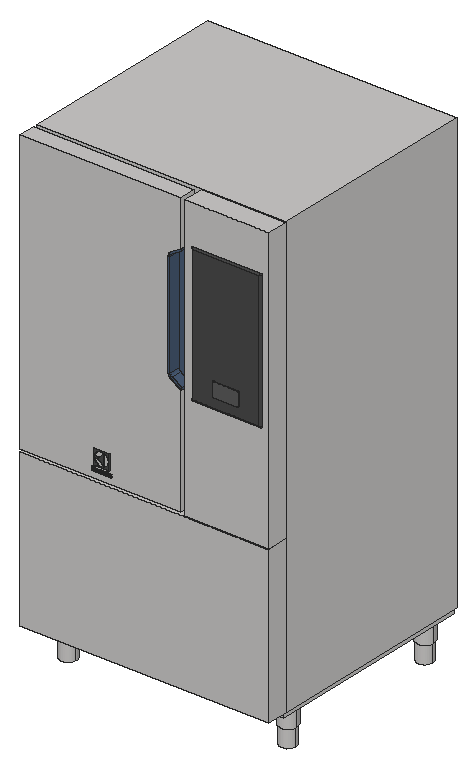
Revit family "QF_ELECTROLUXPROFESSIONAL_727736_EBFA11E", category Specialty Equipment, Revit 2018 (continued)
Automatic sketch dimensions
  Split face 146 sketch curve to Extrusion 4 = 242.501 mm
  Split face 146 sketch curve to Split face 146 sketch curve = 4.974 mm
  Split face 147 sketch curve to Extrusion 4 = 392.465 mm
  Split face 147 sketch curve to Split face 147 sketch curve = 110.016 mm
  Split face 147 sketch curve to Extrusion 4 = 252.001 mm
  Split face 147 sketch curve to Split face 147 sketch curve = 4.974 mm
  Split face 148 sketch curve to Extrusion 4 = 392.465 mm
  Split face 148 sketch curve to Split face 148 sketch curve = 110.016 mm
  Split face 148 sketch curve to Extrusion 4 = 261.501 mm
  Split face 148 sketch curve to Split face 148 sketch curve = 4.974 mm
  Split face 149 sketch curve to Extrusion 4 = 392.465 mm
  Split face 149 sketch curve to Split face 149 sketch curve = 110.016 mm
  Split face 149 sketch curve to Extrusion 4 = 271.001 mm
  Split face 149 sketch curve to Split face 149 sketch curve = 4.974 mm
  Split face 150 sketch curve to Extrusion 4 = 392.465 mm
  Split face 150 sketch curve to Split face 150 sketch curve = 110.016 mm
  Split face 150 sketch curve to Extrusion 4 = 279.479 mm
  Split face 150 sketch curve to Split face 150 sketch curve = 4.974 mm
  Split face 151 sketch curve to Extrusion 4 = 392.465 mm
  Split face 151 sketch curve to Split face 151 sketch curve = 110.016 mm
  Split face 151 sketch curve to Extrusion 4 = 269.979 mm
  Split face 151 sketch curve to Split face 151 sketch curve = 4.974 mm
  Split face 152 sketch curve to Extrusion 4 = 392.465 mm
  Split face 152 sketch curve to Split face 152 sketch curve = 110.016 mm
  Split face 152 sketch curve to Extrusion 4 = 260.479 mm
  Split face 152 sketch curve to Split face 152 sketch curve = 4.974 mm
  Split face 153 sketch curve to Extrusion 4 = 392.465 mm
  Split face 153 sketch curve to Split face 153 sketch curve = 110.016 mm
  Split face 153 sketch curve to Extrusion 4 = 250.978 mm
  Split face 153 sketch curve to Split face 153 sketch curve = 4.974 mm
  Split face 154 sketch curve to Extrusion 4 = 392.465 mm
  Split face 154 sketch curve to Split face 154 sketch curve = 110.016 mm
  Split face 154 sketch curve to Extrusion 4 = 241.478 mm
  Split face 154 sketch curve to Split face 154 sketch curve = 4.974 mm
  Split face 155 sketch curve to Extrusion 4 = 392.465 mm
  Split face 155 sketch curve to Split face 155 sketch curve = 110.016 mm
  Split face 155 sketch curve to Extrusion 4 = 231.978 mm
  Split face 155 sketch curve to Split face 155 sketch curve = 4.974 mm
  Split face 156 sketch curve to Extrusion 4 = 392.465 mm
  Split face 156 sketch curve to Split face 156 sketch curve = 110.016 mm
  Split face 156 sketch curve to Extrusion 4 = 222.478 mm
  Split face 156 sketch curve to Split face 156 sketch curve = 4.974 mm
  Split face 157 sketch curve to Extrusion 4 = 392.465 mm
  Split face 157 sketch curve to Split face 157 sketch curve = 110.016 mm
  Split face 157 sketch curve to Extrusion 4 = 212.978 mm
  Split face 157 sketch curve to Split face 157 sketch curve = 4.974 mm
  Split face 158 sketch curve to Extrusion 4 = 392.465 mm
  Split face 158 sketch curve to Split face 158 sketch curve = 110.016 mm
  Split face 158 sketch curve to Extrusion 4 = 203.478 mm
  Split face 158 sketch curve to Split face 158 sketch curve = 4.974 mm
  Split face 159 sketch curve to Extrusion 4 = 193.978 mm
  Split face 159 sketch curve to Extrusion 4 = 392.465 mm
  Split face 159 sketch curve to Split face 159 sketch curve = 110.016 mm
  Split face 159 sketch curve to Split face 159 sketch curve = 4.974 mm
  Split face 160 sketch curve to Extrusion 4 = 184.478 mm
  Split face 160 sketch curve to Extrusion 4 = 392.465 mm
  Split face 160 sketch curve to Split face 160 sketch curve = 110.016 mm
  Split face 160 sketch curve to Split face 160 sketch curve = 4.974 mm
  Split face 161 sketch curve to Extrusion 4 = 174.978 mm
  Split face 161 sketch curve to Extrusion 4 = 392.465 mm
  Split face 161 sketch curve to Split face 161 sketch curve = 110.016 mm
  Split face 161 sketch curve to Split face 161 sketch curve = 4.974 mm
  Split face 162 sketch curve to Extrusion 4 = 165.478 mm
  Split face 162 sketch curve to Extrusion 4 = 392.465 mm
  Split face 162 sketch curve to Split face 162 sketch curve = 110.016 mm
  Split face 162 sketch curve to Split face 162 sketch curve = 4.974 mm
  Split face 163 sketch curve to Extrusion 4 = 155.978 mm
  Split face 163 sketch curve to Extrusion 4 = 392.465 mm
  Split face 163 sketch curve to Split face 163 sketch curve = 110.016 mm
  Split face 163 sketch curve to Split face 163 sketch curve = 4.974 mm
  Split face 164 sketch curve to Extrusion 4 = 146.478 mm
  Split face 164 sketch curve to Extrusion 4 = 392.465 mm
  Split face 164 sketch curve to Split face 164 sketch curve = 110.016 mm
  Split face 164 sketch curve to Split face 164 sketch curve = 4.974 mm
  Split face 165 sketch curve to Extrusion 4 = 33.499 mm
  Split face 165 sketch curve to Extrusion 4 = 382.543 mm
  Split face 165 sketch curve to Extrusion 4 = 28.525 mm
  Split face 165 sketch curve to Split face 165 sketch curve = 110.016 mm
  Split face 166 sketch curve to Extrusion 4 = 42.999 mm
  Split face 166 sketch curve to Extrusion 4 = 382.543 mm
  Split face 166 sketch curve to Extrusion 4 = 38.025 mm
  Split face 166 sketch curve to Split face 166 sketch curve = 110.016 mm
  Split face 167 sketch curve to Extrusion 4 = 52.499 mm
  Split face 167 sketch curve to Extrusion 4 = 382.543 mm
  Split face 167 sketch curve to Extrusion 4 = 47.525 mm
  Split face 167 sketch curve to Split face 167 sketch curve = 110.016 mm
  Split face 168 sketch curve to Extrusion 4 = 61.999 mm
  Split face 168 sketch curve to Extrusion 4 = 382.543 mm
  Split face 168 sketch curve to Split face 168 sketch curve = 110.016 mm
  Split face 168 sketch curve to Split face 168 sketch curve = 4.974 mm
  Split face 169 sketch curve to Extrusion 4 = 71.499 mm
  Split face 169 sketch curve to Extrusion 4 = 382.543 mm
  Split face 169 sketch curve to Split face 169 sketch curve = 110.016 mm
  Split face 169 sketch curve to Split face 169 sketch curve = 4.974 mm
  Split face 170 sketch curve to Extrusion 4 = 80.999 mm
  Split face 170 sketch curve to Extrusion 4 = 382.543 mm
  Split face 170 sketch curve to Split face 170 sketch curve = 110.016 mm
  Split face 170 sketch curve to Split face 170 sketch curve = 4.974 mm
  Split face 171 sketch curve to Extrusion 4 = 90.499 mm
  Split face 171 sketch curve to Extrusion 4 = 382.543 mm
  Split face 171 sketch curve to Split face 171 sketch curve = 110.016 mm
  Split face 171 sketch curve to Split face 171 sketch curve = 4.974 mm
  Split face 172 sketch curve to Extrusion 4 = 99.999 mm
  Split face 172 sketch curve to Extrusion 4 = 382.543 mm
  Split face 172 sketch curve to Split face 172 sketch curve = 110.016 mm
  Split face 172 sketch curve to Split face 172 sketch curve = 4.974 mm
  Split face 173 sketch curve to Extrusion 4 = 109.499 mm
  Split face 173 sketch curve to Extrusion 4 = 382.543 mm
  Split face 173 sketch curve to Split face 173 sketch curve = 110.016 mm
  Split face 173 sketch curve to Split face 173 sketch curve = 4.974 mm
  Split face 174 sketch curve to Extrusion 4 = 119 mm
  Split face 174 sketch curve to Extrusion 4 = 382.543 mm
  Split face 174 sketch curve to Split face 174 sketch curve = 110.016 mm
  Split face 174 sketch curve to Split face 174 sketch curve = 4.974 mm
  Split face 175 sketch curve to Extrusion 4 = 128.5 mm
  Split face 175 sketch curve to Extrusion 4 = 382.543 mm
  Split face 175 sketch curve to Split face 175 sketch curve = 110.016 mm
  Split face 175 sketch curve to Split face 175 sketch curve = 4.974 mm
  Split face 176 sketch curve to Extrusion 4 = 138 mm
  Split face 176 sketch curve to Extrusion 4 = 382.543 mm
  Split face 176 sketch curve to Split face 176 sketch curve = 110.016 mm
  Split face 176 sketch curve to Split face 176 sketch curve = 4.974 mm
  Split face 177 sketch curve to Extrusion 4 = 147.5 mm
  Split face 177 sketch curve to Extrusion 4 = 382.543 mm
  Split face 177 sketch curve to Split face 177 sketch curve = 110.016 mm
  Split face 177 sketch curve to Split face 177 sketch curve = 4.974 mm
  Split face 178 sketch curve to Extrusion 4 = 157 mm
  Split face 178 sketch curve to Extrusion 4 = 382.543 mm
  Split face 178 sketch curve to Split face 178 sketch curve = 110.016 mm
  Split face 178 sketch curve to Split face 178 sketch curve = 4.974 mm
  Split face 179 sketch curve to Extrusion 4 = 166.5 mm
  Split face 179 sketch curve to Extrusion 4 = 382.543 mm
  Split face 179 sketch curve to Split face 179 sketch curve = 110.016 mm
  Split face 179 sketch curve to Split face 179 sketch curve = 4.974 mm
  Split face 180 sketch curve to Extrusion 4 = 176 mm
  Split face 180 sketch curve to Extrusion 4 = 382.543 mm
  Split face 180 sketch curve to Split face 180 sketch curve = 110.016 mm
  Split face 180 sketch curve to Split face 180 sketch curve = 4.974 mm
  Split face 181 sketch curve to Extrusion 4 = 185.5 mm
  Split face 181 sketch curve to Extrusion 4 = 382.543 mm
  Split face 181 sketch curve to Split face 181 sketch curve = 110.016 mm
  Split face 181 sketch curve to Split face 181 sketch curve = 4.974 mm
  Split face 182 sketch curve to Extrusion 4 = 382.543 mm
  Split face 182 sketch curve to Split face 182 sketch curve = 110.016 mm
  Split face 182 sketch curve to Extrusion 4 = 195 mm
  Split face 182 sketch curve to Split face 182 sketch curve = 4.974 mm
  Split face 183 sketch curve to Extrusion 4 = 382.543 mm
  Split face 183 sketch curve to Split face 183 sketch curve = 110.016 mm
  Split face 183 sketch curve to Extrusion 4 = 204.5 mm
  Split face 183 sketch curve to Split face 183 sketch curve = 4.974 mm
  Split face 184 sketch curve to Extrusion 4 = 382.543 mm
  Split face 184 sketch curve to Split face 184 sketch curve = 110.016 mm
  Split face 184 sketch curve to Extrusion 4 = 214 mm
  Split face 184 sketch curve to Split face 184 sketch curve = 4.974 mm
  Split face 185 sketch curve to Extrusion 4 = 382.543 mm
  Split face 185 sketch curve to Split face 185 sketch curve = 110.016 mm
  Split face 185 sketch curve to Extrusion 4 = 223.5 mm
  Split face 185 sketch curve to Split face 185 sketch curve = 4.974 mm
  Split face 186 sketch curve to Extrusion 4 = 382.543 mm
  Split face 186 sketch curve to Split face 186 sketch curve = 110.016 mm
  Split face 186 sketch curve to Extrusion 4 = 233.001 mm
  Split face 186 sketch curve to Split face 186 sketch curve = 4.974 mm
  Split face 187 sketch curve to Extrusion 4 = 382.543 mm
  Split face 187 sketch curve to Split face 187 sketch curve = 110.016 mm
  Split face 187 sketch curve to Extrusion 4 = 242.501 mm
  Split face 187 sketch curve to Split face 187 sketch curve = 4.974 mm
  Split face 188 sketch curve to Extrusion 4 = 382.543 mm
  Split face 188 sketch curve to Split face 188 sketch curve = 110.016 mm
  Split face 188 sketch curve to Extrusion 4 = 252.001 mm
  Split face 188 sketch curve to Split face 188 sketch curve = 4.974 mm
  Split face 189 sketch curve to Extrusion 4 = 382.543 mm
  Split face 189 sketch curve to Split face 189 sketch curve = 110.016 mm
  Split face 189 sketch curve to Extrusion 4 = 261.501 mm
  Split face 189 sketch curve to Split face 189 sketch curve = 4.974 mm
  Split face 190 sketch curve to Extrusion 4 = 382.543 mm
  Split face 190 sketch curve to Split face 190 sketch curve = 110.016 mm
  Split face 190 sketch curve to Extrusion 4 = 271.001 mm
  Split face 190 sketch curve to Split face 190 sketch curve = 4.974 mm
  Split face 191 sketch curve to Extrusion 4 = 382.543 mm
  Split face 191 sketch curve to Split face 191 sketch curve = 110.016 mm
  Split face 191 sketch curve to Extrusion 4 = 279.479 mm
  Split face 191 sketch curve to Split face 191 sketch curve = 4.974 mm
  Split face 192 sketch curve to Extrusion 4 = 382.543 mm
  Split face 192 sketch curve to Split face 192 sketch curve = 110.016 mm
  Split face 192 sketch curve to Extrusion 4 = 269.979 mm
  Split face 192 sketch curve to Split face 192 sketch curve = 4.974 mm
  Split face 193 sketch curve to Extrusion 4 = 382.543 mm
  Split face 193 sketch curve to Split face 193 sketch curve = 110.016 mm
  Split face 193 sketch curve to Extrusion 4 = 260.479 mm
  Split face 193 sketch curve to Split face 193 sketch curve = 4.974 mm
  Split face 194 sketch curve to Extrusion 4 = 382.543 mm
  Split face 194 sketch curve to Split face 194 sketch curve = 110.016 mm
  Split face 194 sketch curve to Extrusion 4 = 250.978 mm
  Split face 194 sketch curve to Split face 194 sketch curve = 4.974 mm
  Split face 195 sketch curve to Extrusion 4 = 382.543 mm
  Split face 195 sketch curve to Split face 195 sketch curve = 110.016 mm
  Split face 195 sketch curve to Extrusion 4 = 241.478 mm
  Split face 195 sketch curve to Split face 195 sketch curve = 4.974 mm
  Split face 196 sketch curve to Extrusion 4 = 382.543 mm
  Split face 196 sketch curve to Split face 196 sketch curve = 110.016 mm
  Split face 196 sketch curve to Extrusion 4 = 231.978 mm
  Split face 196 sketch curve to Split face 196 sketch curve = 4.974 mm
  Split face 197 sketch curve to Extrusion 4 = 382.543 mm
  Split face 197 sketch curve to Split face 197 sketch curve = 110.016 mm
  Split face 197 sketch curve to Extrusion 4 = 222.478 mm
  Split face 197 sketch curve to Split face 197 sketch curve = 4.974 mm
  Split face 198 sketch curve to Extrusion 4 = 382.543 mm
  Split face 198 sketch curve to Split face 198 sketch curve = 110.016 mm
  Split face 198 sketch curve to Extrusion 4 = 212.978 mm
  Split face 198 sketch curve to Split face 198 sketch curve = 4.974 mm
  Split face 199 sketch curve to Extrusion 4 = 382.543 mm
  Split face 199 sketch curve to Split face 199 sketch curve = 110.016 mm
  Split face 199 sketch curve to Extrusion 4 = 203.478 mm
  Split face 199 sketch curve to Split face 199 sketch curve = 4.974 mm
  Split face 200 sketch curve to Extrusion 4 = 382.543 mm
  Split face 200 sketch curve to Split face 200 sketch curve = 110.016 mm
  Split face 200 sketch curve to Extrusion 4 = 193.978 mm
  Split face 200 sketch curve to Split face 200 sketch curve = 4.974 mm
  Split face 201 sketch curve to Extrusion 4 = 184.478 mm
  Split face 201 sketch curve to Extrusion 4 = 382.543 mm
  Split face 201 sketch curve to Split face 201 sketch curve = 110.016 mm
  Split face 201 sketch curve to Split face 201 sketch curve = 4.974 mm
  Split face 202 sketch curve to Extrusion 4 = 174.978 mm
  Split face 202 sketch curve to Extrusion 4 = 382.543 mm
  Split face 202 sketch curve to Split face 202 sketch curve = 110.016 mm
  Split face 202 sketch curve to Split face 202 sketch curve = 4.974 mm
  Split face 203 sketch curve to Extrusion 4 = 165.478 mm
  Split face 203 sketch curve to Extrusion 4 = 382.543 mm
  Split face 203 sketch curve to Split face 203 sketch curve = 110.016 mm
  Split face 203 sketch curve to Split face 203 sketch curve = 4.974 mm
  Split face 204 sketch curve to Extrusion 4 = 155.978 mm
  Split face 204 sketch curve to Extrusion 4 = 382.543 mm
  Split face 204 sketch curve to Split face 204 sketch curve = 110.016 mm
  Split face 204 sketch curve to Split face 204 sketch curve = 4.974 mm
  Split face 205 sketch curve to Extrusion 4 = 146.478 mm
  Split face 205 sketch curve to Extrusion 4 = 382.543 mm
  Split face 205 sketch curve to Split face 205 sketch curve = 110.016 mm
  Split face 205 sketch curve to Split face 205 sketch curve = 4.974 mm
  Split face 206 sketch curve to Extrusion 4 = 33.499 mm
  Split face 206 sketch curve to Extrusion 4 = 262.552 mm
  Split face 206 sketch curve to Extrusion 4 = 28.525 mm
  Split face 206 sketch curve to Split face 206 sketch curve = 110.016 mm
  Split face 207 sketch curve to Extrusion 4 = 42.999 mm
  Split face 207 sketch curve to Extrusion 4 = 262.552 mm
  Split face 207 sketch curve to Extrusion 4 = 38.025 mm
  Split face 207 sketch curve to Split face 207 sketch curve = 110.016 mm
  Split face 208 sketch curve to Extrusion 4 = 52.499 mm
  Split face 208 sketch curve to Extrusion 4 = 262.552 mm
  Split face 208 sketch curve to Extrusion 4 = 47.525 mm
  Split face 208 sketch curve to Split face 208 sketch curve = 110.016 mm
  Split face 209 sketch curve to Extrusion 4 = 61.999 mm
  Split face 209 sketch curve to Extrusion 4 = 262.552 mm
  Split face 209 sketch curve to Split face 209 sketch curve = 110.016 mm
  Split face 209 sketch curve to Split face 209 sketch curve = 4.974 mm
  Split face 210 sketch curve to Extrusion 4 = 71.499 mm
  Split face 210 sketch curve to Extrusion 4 = 262.552 mm
  Split face 210 sketch curve to Split face 210 sketch curve = 110.016 mm
  Split face 210 sketch curve to Split face 210 sketch curve = 4.974 mm
  Split face 211 sketch curve to Extrusion 4 = 80.999 mm
  Split face 211 sketch curve to Extrusion 4 = 262.552 mm
  Split face 211 sketch curve to Split face 211 sketch curve = 110.016 mm
  Split face 211 sketch curve to Split face 211 sketch curve = 4.974 mm
  Split face 212 sketch curve to Extrusion 4 = 90.499 mm
  Split face 212 sketch curve to Extrusion 4 = 262.552 mm
  Split face 212 sketch curve to Split face 212 sketch curve = 110.016 mm
  Split face 212 sketch curve to Split face 212 sketch curve = 4.974 mm
  Split face 213 sketch curve to Extrusion 4 = 99.999 mm
  Split face 213 sketch curve to Extrusion 4 = 262.552 mm
  Split face 213 sketch curve to Split face 213 sketch curve = 110.016 mm
  Split face 213 sketch curve to Split face 213 sketch curve = 4.974 mm
  Split face 214 sketch curve to Extrusion 4 = 109.499 mm
  Split face 214 sketch curve to Extrusion 4 = 262.552 mm
  Split face 214 sketch curve to Split face 214 sketch curve = 110.016 mm
  Split face 214 sketch curve to Split face 214 sketch curve = 4.974 mm
  Split face 215 sketch curve to Extrusion 4 = 119 mm
  Split face 215 sketch curve to Extrusion 4 = 262.552 mm
  Split face 215 sketch curve to Split face 215 sketch curve = 110.016 mm
  Split face 215 sketch curve to Split face 215 sketch curve = 4.974 mm
  Split face 216 sketch curve to Extrusion 4 = 128.5 mm
  Split face 216 sketch curve to Extrusion 4 = 262.552 mm
  Split face 216 sketch curve to Split face 216 sketch curve = 110.016 mm
  Split face 216 sketch curve to Split face 216 sketch curve = 4.974 mm
  Split face 217 sketch curve to Extrusion 4 = 262.552 mm
  Split face 217 sketch curve to Split face 217 sketch curve = 110.016 mm
  Split face 217 sketch curve to Extrusion 4 = 138 mm
  Split face 217 sketch curve to Split face 217 sketch curve = 4.974 mm
  Split face 218 sketch curve to Extrusion 4 = 262.552 mm
  Split face 218 sketch curve to Split face 218 sketch curve = 110.016 mm
  Split face 218 sketch curve to Extrusion 4 = 147.5 mm
  Split face 218 sketch curve to Split face 218 sketch curve = 4.974 mm
  Split face 219 sketch curve to Extrusion 4 = 262.552 mm
  Split face 219 sketch curve to Split face 219 sketch curve = 110.016 mm
  Split face 219 sketch curve to Extrusion 4 = 157 mm
  Split face 219 sketch curve to Split face 219 sketch curve = 4.974 mm
  Split face 220 sketch curve to Extrusion 4 = 262.552 mm
  Split face 220 sketch curve to Split face 220 sketch curve = 110.016 mm
  Split face 220 sketch curve to Extrusion 4 = 166.5 mm
  Split face 220 sketch curve to Split face 220 sketch curve = 4.974 mm
  Split face 221 sketch curve to Extrusion 4 = 262.552 mm
  Split face 221 sketch curve to Split face 221 sketch curve = 110.016 mm
  Split face 221 sketch curve to Extrusion 4 = 176 mm
  Split face 221 sketch curve to Split face 221 sketch curve = 4.974 mm
  Split face 222 sketch curve to Extrusion 4 = 262.552 mm
  Split face 222 sketch curve to Split face 222 sketch curve = 110.016 mm
  Split face 222 sketch curve to Extrusion 4 = 185.5 mm
  Split face 222 sketch curve to Split face 222 sketch curve = 4.974 mm
  Split face 223 sketch curve to Extrusion 4 = 262.552 mm
  Split face 223 sketch curve to Split face 223 sketch curve = 110.016 mm
  Split face 223 sketch curve to Extrusion 4 = 195 mm
  Split face 223 sketch curve to Split face 223 sketch curve = 4.974 mm
  Split face 224 sketch curve to Extrusion 4 = 262.552 mm
  Split face 224 sketch curve to Split face 224 sketch curve = 110.016 mm
  Split face 224 sketch curve to Extrusion 4 = 204.5 mm
  Split face 224 sketch curve to Split face 224 sketch curve = 4.974 mm
  Split face 225 sketch curve to Extrusion 4 = 262.552 mm
  Split face 225 sketch curve to Split face 225 sketch curve = 110.016 mm
  Split face 225 sketch curve to Extrusion 4 = 214 mm
  Split face 225 sketch curve to Split face 225 sketch curve = 4.974 mm
  Split face 226 sketch curve to Extrusion 4 = 262.552 mm
  Split face 226 sketch curve to Split face 226 sketch curve = 110.016 mm
  Split face 226 sketch curve to Extrusion 4 = 223.5 mm
  Split face 226 sketch curve to Split face 226 sketch curve = 4.974 mm
  Split face 227 sketch curve to Extrusion 4 = 262.552 mm
  Split face 227 sketch curve to Split face 227 sketch curve = 110.016 mm
  Split face 227 sketch curve to Extrusion 4 = 233.001 mm
  Split face 227 sketch curve to Split face 227 sketch curve = 4.974 mm
  Split face 228 sketch curve to Extrusion 4 = 262.552 mm
  Split face 228 sketch curve to Split face 228 sketch curve = 110.016 mm
  Split face 228 sketch curve to Extrusion 4 = 242.501 mm
  Split face 228 sketch curve to Split face 228 sketch curve = 4.974 mm
  Split face 229 sketch curve to Extrusion 4 = 262.552 mm
  Split face 229 sketch curve to Split face 229 sketch curve = 110.016 mm
  Split face 229 sketch curve to Extrusion 4 = 252.001 mm
  Split face 229 sketch curve to Split face 229 sketch curve = 4.974 mm
  Split face 230 sketch curve to Extrusion 4 = 262.552 mm
  Split face 230 sketch curve to Split face 230 sketch curve = 110.016 mm
  Split face 230 sketch curve to Extrusion 4 = 261.501 mm
  Split face 230 sketch curve to Split face 230 sketch curve = 4.974 mm
  Split face 231 sketch curve to Extrusion 4 = 262.552 mm
  Split face 231 sketch curve to Split face 231 sketch curve = 110.016 mm
  Split face 231 sketch curve to Extrusion 4 = 271.001 mm
  Split face 231 sketch curve to Split face 231 sketch curve = 4.974 mm
  Split face 232 sketch curve to Extrusion 4 = 262.552 mm
  Split face 232 sketch curve to Split face 232 sketch curve = 110.016 mm
  Split face 232 sketch curve to Extrusion 4 = 279.479 mm
  Split face 232 sketch curve to Split face 232 sketch curve = 4.974 mm
  Split face 233 sketch curve to Extrusion 4 = 262.552 mm
  Split face 233 sketch curve to Split face 233 sketch curve = 110.016 mm
  Split face 233 sketch curve to Extrusion 4 = 269.979 mm
  Split face 233 sketch curve to Split face 233 sketch curve = 4.974 mm
  Split face 234 sketch curve to Extrusion 4 = 262.552 mm
  Split face 234 sketch curve to Split face 234 sketch curve = 110.016 mm
  Split face 234 sketch curve to Extrusion 4 = 260.479 mm
  Split face 234 sketch curve to Split face 234 sketch curve = 4.974 mm
  Split face 235 sketch curve to Extrusion 4 = 262.552 mm
  Split face 235 sketch curve to Split face 235 sketch curve = 110.016 mm
  Split face 235 sketch curve to Extrusion 4 = 250.978 mm
  Split face 235 sketch curve to Split face 235 sketch curve = 4.974 mm
  Split face 236 sketch curve to Extrusion 4 = 262.552 mm
  Split face 236 sketch curve to Split face 236 sketch curve = 110.016 mm
  Split face 236 sketch curve to Extrusion 4 = 241.478 mm
  Split face 236 sketch curve to Split face 236 sketch curve = 4.974 mm
  Split face 237 sketch curve to Extrusion 4 = 262.552 mm
  Split face 237 sketch curve to Split face 237 sketch curve = 110.016 mm
  Split face 237 sketch curve to Extrusion 4 = 231.978 mm
  Split face 237 sketch curve to Split face 237 sketch curve = 4.974 mm
  Split face 238 sketch curve to Extrusion 4 = 262.552 mm
  Split face 238 sketch curve to Split face 238 sketch curve = 110.016 mm
  Split face 238 sketch curve to Extrusion 4 = 222.478 mm
  Split face 238 sketch curve to Split face 238 sketch curve = 4.974 mm
  Split face 239 sketch curve to Extrusion 4 = 262.552 mm
  Split face 239 sketch curve to Split face 239 sketch curve = 110.016 mm
  Split face 239 sketch curve to Extrusion 4 = 212.978 mm
  Split face 239 sketch curve to Split face 239 sketch curve = 4.974 mm
  Split face 240 sketch curve to Extrusion 4 = 262.552 mm
  Split face 240 sketch curve to Split face 240 sketch curve = 110.016 mm
  Split face 240 sketch curve to Extrusion 4 = 203.478 mm
  Split face 240 sketch curve to Split face 240 sketch curve = 4.974 mm
  Split face 241 sketch curve to Extrusion 4 = 262.552 mm
  Split face 241 sketch curve to Split face 241 sketch curve = 110.016 mm
  Split face 241 sketch curve to Extrusion 4 = 193.978 mm
  Split face 241 sketch curve to Split face 241 sketch curve = 4.974 mm
  Split face 242 sketch curve to Extrusion 4 = 262.552 mm
  Split face 242 sketch curve to Split face 242 sketch curve = 110.016 mm
  Split face 242 sketch curve to Extrusion 4 = 184.478 mm
  Split face 242 sketch curve to Split face 242 sketch curve = 4.974 mm
  Split face 243 sketch curve to Extrusion 4 = 262.552 mm
  Split face 243 sketch curve to Split face 243 sketch curve = 110.016 mm
  Split face 243 sketch curve to Extrusion 4 = 174.978 mm
  Split face 243 sketch curve to Split face 243 sketch curve = 4.974 mm
  Split face 244 sketch curve to Extrusion 4 = 262.552 mm
  Split face 244 sketch curve to Split face 244 sketch curve = 110.016 mm
  Split face 244 sketch curve to Extrusion 4 = 165.478 mm
  Split face 244 sketch curve to Split face 244 sketch curve = 4.974 mm
  Split face 245 sketch curve to Extrusion 4 = 262.552 mm
  Split face 245 sketch curve to Split face 245 sketch curve = 110.016 mm
  Split face 245 sketch curve to Extrusion 4 = 155.978 mm
  Split face 245 sketch curve to Split face 245 sketch curve = 4.974 mm
  Split face 246 sketch curve to Extrusion 4 = 262.552 mm
  Split face 246 sketch curve to Split face 246 sketch curve = 110.016 mm
  Split face 246 sketch curve to Extrusion 4 = 146.478 mm
  Split face 246 sketch curve to Split face 246 sketch curve = 4.974 mm
  Split face 247 sketch curve to Extrusion 4 = 33.499 mm
  Split face 247 sketch curve to Extrusion 4 = 142.561 mm
  Split face 247 sketch curve to Extrusion 4 = 32.544 mm
  Split face 247 sketch curve to Split face 247 sketch curve = 4.974 mm
  Split face 248 sketch curve to Extrusion 4 = 42.999 mm
  Split face 248 sketch curve to Extrusion 4 = 142.561 mm
  Split face 248 sketch curve to Extrusion 4 = 32.544 mm
  Split face 248 sketch curve to Split face 248 sketch curve = 4.974 mm
  Split face 249 sketch curve to Extrusion 4 = 52.499 mm
  Split face 249 sketch curve to Extrusion 4 = 142.561 mm
  Split face 249 sketch curve to Extrusion 4 = 32.544 mm
  Split face 249 sketch curve to Split face 249 sketch curve = 4.974 mm
  Split face 250 sketch curve to Extrusion 4 = 61.999 mm
  Split face 250 sketch curve to Extrusion 4 = 142.561 mm
  Split face 250 sketch curve to Extrusion 4 = 32.544 mm
  Split face 250 sketch curve to Split face 250 sketch curve = 4.974 mm
  Split face 251 sketch curve to Extrusion 4 = 142.561 mm
  Split face 251 sketch curve to Extrusion 4 = 32.544 mm
  Split face 251 sketch curve to Extrusion 4 = 71.499 mm
  Split face 251 sketch curve to Split face 251 sketch curve = 4.974 mm
  Split face 252 sketch curve to Extrusion 4 = 142.561 mm
  Split face 252 sketch curve to Extrusion 4 = 32.544 mm
  Split face 252 sketch curve to Extrusion 4 = 80.999 mm
  Split face 252 sketch curve to Split face 252 sketch curve = 4.974 mm
  Split face 253 sketch curve to Extrusion 4 = 142.561 mm
  Split face 253 sketch curve to Extrusion 4 = 32.544 mm
  Split face 253 sketch curve to Extrusion 4 = 90.499 mm
  Split face 253 sketch curve to Split face 253 sketch curve = 4.974 mm
  Split face 254 sketch curve to Extrusion 4 = 142.561 mm
  Split face 254 sketch curve to Extrusion 4 = 32.544 mm
  Split face 254 sketch curve to Extrusion 4 = 99.999 mm
  Split face 254 sketch curve to Split face 254 sketch curve = 4.974 mm
  Split face 255 sketch curve to Extrusion 4 = 142.561 mm
  Split face 255 sketch curve to Extrusion 4 = 32.544 mm
  Split face 255 sketch curve to Extrusion 4 = 109.499 mm
  Split face 255 sketch curve to Split face 255 sketch curve = 4.974 mm
  Split face 256 sketch curve to Extrusion 4 = 142.561 mm
  Split face 256 sketch curve to Extrusion 4 = 32.544 mm
  Split face 256 sketch curve to Extrusion 4 = 119 mm
  Split face 256 sketch curve to Split face 256 sketch curve = 4.974 mm
  Split face 257 sketch curve to Extrusion 4 = 142.561 mm
  Split face 257 sketch curve to Extrusion 4 = 32.544 mm
  Split face 257 sketch curve to Extrusion 4 = 128.5 mm
  Split face 257 sketch curve to Split face 257 sketch curve = 4.974 mm
  Split face 258 sketch curve to Extrusion 4 = 142.561 mm
  Split face 258 sketch curve to Extrusion 4 = 32.544 mm
  Split face 258 sketch curve to Extrusion 4 = 138 mm
  Split face 258 sketch curve to Split face 258 sketch curve = 4.974 mm
  Split face 259 sketch curve to Extrusion 4 = 142.561 mm
  Split face 259 sketch curve to Extrusion 4 = 32.544 mm
  Split face 259 sketch curve to Extrusion 4 = 147.5 mm
  Split face 259 sketch curve to Split face 259 sketch curve = 4.974 mm
  Split face 260 sketch curve to Extrusion 4 = 142.561 mm
  Split face 260 sketch curve to Extrusion 4 = 32.544 mm
  Split face 260 sketch curve to Extrusion 4 = 157 mm
  Split face 260 sketch curve to Split face 260 sketch curve = 4.974 mm
  Split face 261 sketch curve to Extrusion 4 = 142.561 mm
  Split face 261 sketch curve to Extrusion 4 = 32.544 mm
  Split face 261 sketch curve to Extrusion 4 = 166.5 mm
  Split face 261 sketch curve to Split face 261 sketch curve = 4.974 mm
  Split face 262 sketch curve to Extrusion 4 = 142.561 mm
  Split face 262 sketch curve to Extrusion 4 = 32.544 mm
  Split face 262 sketch curve to Extrusion 4 = 176 mm
  Split face 262 sketch curve to Split face 262 sketch curve = 4.974 mm
  Split face 263 sketch curve to Extrusion 4 = 142.561 mm
  Split face 263 sketch curve to Extrusion 4 = 32.544 mm
  Split face 263 sketch curve to Extrusion 4 = 185.5 mm
  Split face 263 sketch curve to Split face 263 sketch curve = 4.974 mm
  Split face 264 sketch curve to Extrusion 4 = 142.561 mm
  Split face 264 sketch curve to Extrusion 4 = 32.544 mm
  Split face 264 sketch curve to Extrusion 4 = 195 mm
  Split face 264 sketch curve to Split face 264 sketch curve = 4.974 mm
  Split face 265 sketch curve to Extrusion 4 = 142.561 mm
  Split face 265 sketch curve to Extrusion 4 = 32.544 mm
  Split face 265 sketch curve to Extrusion 4 = 204.5 mm
  Split face 265 sketch curve to Split face 265 sketch curve = 4.974 mm
  Split face 266 sketch curve to Extrusion 4 = 142.561 mm
  Split face 266 sketch curve to Extrusion 4 = 32.544 mm
  Split face 266 sketch curve to Extrusion 4 = 214 mm
  Split face 266 sketch curve to Split face 266 sketch curve = 4.974 mm
  Split face 267 sketch curve to Extrusion 4 = 142.561 mm
  Split face 267 sketch curve to Extrusion 4 = 32.544 mm
  Split face 267 sketch curve to Extrusion 4 = 223.5 mm
  Split face 267 sketch curve to Split face 267 sketch curve = 4.974 mm
  Split face 268 sketch curve to Extrusion 4 = 142.561 mm
  Split face 268 sketch curve to Extrusion 4 = 32.544 mm
  Split face 268 sketch curve to Extrusion 4 = 233.001 mm
  Split face 268 sketch curve to Split face 268 sketch curve = 4.974 mm
  Split face 269 sketch curve to Extrusion 4 = 142.561 mm
  Split face 269 sketch curve to Extrusion 4 = 32.544 mm
  Split face 269 sketch curve to Extrusion 4 = 242.501 mm
  Split face 269 sketch curve to Split face 269 sketch curve = 4.974 mm
  Split face 270 sketch curve to Extrusion 4 = 142.561 mm
  Split face 270 sketch curve to Extrusion 4 = 32.544 mm
  Split face 270 sketch curve to Extrusion 4 = 252.001 mm
  Split face 270 sketch curve to Split face 270 sketch curve = 4.974 mm
  Split face 271 sketch curve to Extrusion 4 = 142.561 mm
  Split face 271 sketch curve to Extrusion 4 = 32.544 mm
  Split face 271 sketch curve to Extrusion 4 = 261.501 mm
  Split face 271 sketch curve to Split face 271 sketch curve = 4.974 mm
  Split face 272 sketch curve to Extrusion 4 = 142.561 mm
  Split face 272 sketch curve to Extrusion 4 = 32.544 mm
  Split face 272 sketch curve to Extrusion 4 = 271.001 mm
  Split face 272 sketch curve to Split face 272 sketch curve = 4.974 mm
  Split face 273 sketch curve to Extrusion 4 = 142.561 mm
  Split face 273 sketch curve to Extrusion 4 = 32.544 mm
  Split face 273 sketch curve to Extrusion 4 = 279.479 mm
  Split face 273 sketch curve to Split face 273 sketch curve = 4.974 mm
  Split face 274 sketch curve to Extrusion 4 = 142.561 mm
  Split face 274 sketch curve to Extrusion 4 = 32.544 mm
  Split face 274 sketch curve to Extrusion 4 = 269.979 mm
  Split face 274 sketch curve to Split face 274 sketch curve = 4.974 mm
  Split face 275 sketch curve to Extrusion 4 = 142.561 mm
  Split face 275 sketch curve to Extrusion 4 = 32.544 mm
  Split face 275 sketch curve to Extrusion 4 = 260.479 mm
  Split face 275 sketch curve to Split face 275 sketch curve = 4.974 mm
  Split face 276 sketch curve to Extrusion 4 = 142.561 mm
  Split face 276 sketch curve to Extrusion 4 = 32.544 mm
  Split face 276 sketch curve to Extrusion 4 = 250.978 mm
  Split face 276 sketch curve to Split face 276 sketch curve = 4.974 mm
  Split face 277 sketch curve to Extrusion 4 = 142.561 mm
  Split face 277 sketch curve to Extrusion 4 = 32.544 mm
  Split face 277 sketch curve to Extrusion 4 = 241.478 mm
  Split face 277 sketch curve to Split face 277 sketch curve = 4.974 mm
  Split face 278 sketch curve to Extrusion 4 = 142.561 mm
  Split face 278 sketch curve to Extrusion 4 = 32.544 mm
  Split face 278 sketch curve to Extrusion 4 = 231.978 mm
  Split face 278 sketch curve to Split face 278 sketch curve = 4.974 mm
  Split face 279 sketch curve to Extrusion 4 = 142.561 mm
  Split face 279 sketch curve to Extrusion 4 = 32.544 mm
  Split face 279 sketch curve to Extrusion 4 = 222.478 mm
  Split face 279 sketch curve to Split face 279 sketch curve = 4.974 mm
  Split face 280 sketch curve to Extrusion 4 = 142.561 mm
  Split face 280 sketch curve to Extrusion 4 = 32.544 mm
  Split face 280 sketch curve to Extrusion 4 = 212.978 mm
  Split face 280 sketch curve to Split face 280 sketch curve = 4.974 mm
  Split face 281 sketch curve to Extrusion 4 = 142.561 mm
  Split face 281 sketch curve to Extrusion 4 = 32.544 mm
  Split face 281 sketch curve to Extrusion 4 = 203.478 mm
  Split face 281 sketch curve to Split face 281 sketch curve = 4.974 mm
  Split face 282 sketch curve to Extrusion 4 = 142.561 mm
  Split face 282 sketch curve to Extrusion 4 = 32.544 mm
  Split face 282 sketch curve to Extrusion 4 = 193.978 mm
  Split face 282 sketch curve to Split face 282 sketch curve = 4.974 mm
  Split face 283 sketch curve to Extrusion 4 = 142.561 mm
  Split face 283 sketch curve to Extrusion 4 = 32.544 mm
  Split face 283 sketch curve to Extrusion 4 = 184.478 mm
  Split face 283 sketch curve to Split face 283 sketch curve = 4.974 mm
  Split face 284 sketch curve to Extrusion 4 = 142.561 mm
  Split face 284 sketch curve to Extrusion 4 = 32.544 mm
  Split face 284 sketch curve to Extrusion 4 = 174.978 mm
  Split face 284 sketch curve to Split face 284 sketch curve = 4.974 mm
  Split face 285 sketch curve to Extrusion 4 = 142.561 mm
  Split face 285 sketch curve to Extrusion 4 = 32.544 mm
  Split face 285 sketch curve to Extrusion 4 = 165.478 mm
  Split face 285 sketch curve to Split face 285 sketch curve = 4.974 mm
  Split face 286 sketch curve to Extrusion 4 = 142.561 mm
  Split face 286 sketch curve to Extrusion 4 = 32.544 mm
  Split face 286 sketch curve to Extrusion 4 = 155.978 mm
  Split face 286 sketch curve to Split face 286 sketch curve = 4.974 mm
  Split face 287 sketch curve to Extrusion 4 = 142.561 mm
  Split face 287 sketch curve to Extrusion 4 = 32.544 mm
  Split face 287 sketch curve to Extrusion 4 = 146.478 mm
  Split face 287 sketch curve to Split face 287 sketch curve = 4.974 mm
  Extrusion 14 sketch curve to plane 9 "TOP" = 0 mm
  plane 7 "FRONT" to Extrusion 14 sketch curve = 0 mm
  Extrusion 14 sketch curve to Extrusion 14 sketch curve = 8.487 mm
  Extrusion 14 sketch curve to Extrusion 14 sketch curve = 8.95 mm
  Extrusion 14 sketch curve to Extrusion 14 sketch curve = 10.513 mm
  Extrusion 14 sketch curve to Extrusion 14 sketch curve = 20 mm
  Extrusion 14 sketch curve to Extrusion 14 sketch curve = 35.79 mm
  Extrusion 14 sketch curve to Extrusion 14 sketch curve = 36.253 mm
  Extrusion 14 sketch curve to Extrusion 14 sketch curve = 162.03 mm
  Extrusion 14 sketch curve to Extrusion 14 sketch curve = 24.082 mm
  Extrusion 14 sketch curve to Extrusion 14 sketch curve = 374.913 mm
  Extrusion 14 sketch curve to Extrusion 14 sketch curve = 23.723 mm
  plane 8 to Extrusion 14 sketch curve = 589.524 mm
  Extrusion 15 sketch curve to Extrusion 15 sketch curve = 8.487 mm
  Extrusion 15 sketch curve to Extrusion 15 sketch curve = 8.95 mm
  Extrusion 15 sketch curve to Extrusion 15 sketch curve = 19 mm
  Extrusion 15 sketch curve to Extrusion 15 sketch curve = 11.05 mm
  Extrusion 15 sketch curve to plane 9 "TOP" = 186.112 mm
  Extrusion 15 sketch curve to Extrusion 15 sketch curve = 374.913 mm
  Extrusion 15 sketch curve to Extrusion 15 sketch curve = 36.253 mm
  Extrusion 15 sketch curve to Extrusion 15 sketch curve = 35.79 mm
  Extrusion 15 sketch curve to Extrusion 15 sketch curve = 0 mm  (x3)
  Extrusion 15 sketch curve to Extrusion 15 sketch curve = 24.082 mm
  Extrusion 15 sketch curve to Extrusion 15 sketch curve = 23.723 mm
  Extrusion 16 sketch curve to Extrusion 16 sketch curve = 0 mm  (x7)
  Extrusion 16 sketch curve to Extrusion 16 sketch curve = 2.5 mm  (x2)
  Extrusion 16 sketch curve to Extrusion 16 sketch curve = 7.459 mm
  Extrusion 16 sketch curve to Extrusion 16 sketch curve = 6.917 mm
  Extrusion 16 sketch curve to Extrusion 16 sketch curve = 3.591 mm
  Extrusion 16 sketch curve to Extrusion 16 sketch curve = 3.597 mm
  Extrusion 16 sketch curve to Extrusion 16 sketch curve = 5.583 mm
  Extrusion 16 sketch curve to Extrusion 16 sketch curve = 6.5 mm
  Extrusion 16 sketch curve to plane 9 "TOP" = 162.03 mm
  Extrusion 16 sketch curve to Extrusion 16 sketch curve = 6.143 mm
  Extrusion 16 sketch curve to Extrusion 16 sketch curve = 17.939 mm
  Extrusion 16 sketch curve to Extrusion 16 sketch curve = 374.913 mm
  Extrusion 16 sketch curve to Extrusion 16 sketch curve = 23 mm
  Extrusion 16 sketch curve to Extrusion 16 sketch curve = 6.141 mm
  Extrusion 14 sketch curve to plane 7 "FRONT" = 491.76 mm
  Extrusion 15 sketch curve to plane 7 "FRONT" = 491.76 mm
  Extrusion 16 sketch curve to plane 7 "FRONT" = 539 mm
  Extrusion 16 sketch curve to Extrusion 16 sketch curve = 27.24 mm
  Extrusion 16 sketch curve to Extrusion 16 sketch curve = 28.24 mm
  curve 21 to plane 4 "LEFT" = 0 mm
  curve 19 to plane 4 "LEFT" = 0 mm
  curve 27 to plane 7 "FRONT" = 0 mm
  curve 18 to plane 7 "FRONT" = 0 mm
  plane 7 "FRONT" to curve 23 = 60 mm
  plane 3 "Center Y" to curve 23 = 130.7 mm
  curve 25 to plane 7 "FRONT" = 1 mm
  curve 22 to curve 25 = 2.5 mm
  curve 20 to curve 18 = 14.8 mm
  curve 26 to curve 20 = 21 mm
  curve 20 to curve 18 = 16 mm
  curve 27 to curve 22 = 44.74 mm
  Extrusion 10 sketch curve to plane 7 "FRONT" = 0 mm
  plane 4 "LEFT" to Extrusion 10 sketch curve = 22.511 mm
  plane 10 to Extrusion 10 sketch curve = 2 mm
  plane 3 "Center Y" to Extrusion 10 sketch curve = 130.7 mm
  plane 15 to Extrusion 10 sketch curve = 2.5 mm
  curve 1 to plane 5 "BACK" = 0 mm
  curve 1 to plane 6 "RIGHT" = 0 mm
  curve 13 to plane 7 "FRONT" = 0 mm
  curve 6 to plane 14 = 0 mm
  curve 14 to plane 7 "FRONT" = 0 mm
  curve 17 to plane 7 "FRONT" = 0 mm
  curve 2 to plane 4 "LEFT" = 0 mm
  curve 15 to plane 7 "FRONT" = 0 mm
  curve 11 to plane 7 "FRONT" = 5 mm
  plane 12 to curve 11 = 20 mm
  curve 9 to plane 12 = 6.5 mm
  curve 8 to curve 10 = 21 mm
  curve 6 to plane 12 = 50.859 mm
  curve 6 to curve 6 = 164.232 mm
  plane 3 "Center Y" to curve 12 = 177.5 mm
  plane 10 to curve 17 = 2 mm
  plane 4 "LEFT" to curve 14 = 22.511 mm
  plane 15 to curve 16 = 2.5 mm
  curve 16 to plane 4 "LEFT" = 6 mm
  curve 10 to curve 10 = 29 mm
  plane 7 "FRONT" to curve 14 = 18.608 mm
  curve 13 to curve 11 = 8 mm
  curve 10 to curve 7 = 15.266 mm
  curve 5 to curve 5 = 8.092 mm
  curve 11 to curve 12 = 8 mm
  curve 3 to curve 14 = 14.8 mm
  curve 2 to curve 14 = 57.392 mm
  radius of Extrusion 3 sketch curve = 10.5 mm
  radius of Extrusion 6 sketch curve = 9.5 mm
Nested families
  nested 1: "Foot_Complete" at (-707, -144.149, 0), type "Foot_Complete"
    with H 130 mm
  nested 2: "Foot_Complete" at (84, -144.149, 0), type "Foot_Complete"
    with H 130 mm
  nested 3: "Foot_Complete" at (84, 471.851, 0), type "Foot_Complete"
    with H 130 mm
  nested 4: "Foot_Complete" at (-707, 471.851, 0), type "Foot_Complete"
    with H 130 mm
  nested 5: "ELX_Touch" at (-15, -295.149, 1341.605) x (-1, 0, 0) z (0, -1, 0), type "ELX_Touch"
  nested 6: "ELX_Logo_S_New" at (-465.397, -295.149, 749.524) x (1, 0, 0) z (0, -1, 0), visible <- "Show Logo", type "ELX_Logo_S_New"
    with M QF_Finishes_Black
  nested 7: "ELX_Logo_Symbol" at (-465.397, -295.149, 789.524) x (-1, 0, 0) z (0, -1, 0), visible <- "Show Logo", type "ELX_Logo_Symbol"
    with M QF_Finishes_Black
Connectors
  electrical at (67, 576.851, 593), driven by "Volts"
    settings: on Extrusion 3, index 5, voltage 380 V, apparent load 0 VA, apparent load phase1 0 VA, apparent load phase2 0 VA, apparent load phase3 0 VA, power factor 1, load classification "Altro", number of poles 1, system type 30, power factor state 1, is connector primary yes, connector utility no, sub classification motor no, connector description "Electrical Connection"
  piping at (-359, 149.851, 98.32), diameter 19
    settings: on cut or joined group of Extrusion 1, Extrusion 2, Extrusion 3, Extrusion 5, Extrusion 6, Extrusion 7, Extrusion 13, index 6, connector inside diameter 609.6 mm, connector length 0 mm, flow factor 0, pipe flow 0.0 L/s, pressure drop 0.0 Pa, fitting loss kfactor 0, connector angle 0.00°, fixture units 0, engagement length 0 mm, angle of deflection 0.00°, flow configuration 1, flow direction 2, fitting loss method 0, system type 16, joint type 0, gender type 0, connector reference index -1, connector utility 0, adjustable connector no, is connector primary yes, connector description "Drain"
Definition of nested family "Foot_Complete"
  Parameters
    R = 32 mm
    H = 150 mm
  Reference planes
    plane 1 "Centro (Fronte/Retro)": y = 0
    plane 2: z = 0
    plane 3 "Centro (Sinistra/Destra)": x = 0
    plane 4: z = 150
  Forms (mm)
    Revolve 1, solid
      sketch origin (255.05, 0, 608.09) x (0, 0, 1) y (-1, 0, 0)
        loop
          line (-608.09, 255.05) -> (-608.09, 226.55) -> (-544.09, 226.55) -> (-544.09, 223.05) -> (-458.09, 223.05) -> (-458.09, 255.05) -> (-608.09, 255.05)
        axis (-608.09, 255.05) -> (-458.09, 255.05)
      angle from 0 to 360
  Dimensions and locks
    locked: level to Revolve 1 sketch curve at 64
    "R": Revolve 1 sketch curve to plane 3 "Centro (Sinistra/Destra)"
    "H": plane 4 to level
    aligned and locked: level to plane 2
    aligned and locked: plane 4 to Revolve 1 sketch curve
    aligned and locked: Revolve 1 sketch curve to level
    aligned and locked: plane 3 "Centro (Sinistra/Destra)" to Revolve 1 sketch curve
  Automatic sketch dimensions
    Revolve 1 sketch curve to plane 3 "Centro (Sinistra/Destra)" = 0 mm
    plane 3 "Centro (Sinistra/Destra)" to Revolve 1 sketch curve = 28.5 mm
    Revolve 1 sketch curve to Revolve 1 sketch curve = 50 mm
    Revolve 1 sketch curve to Revolve 1 sketch curve = 20 mm
Definition of nested family "ELX_Touch"
  Parameters
    Default Elevation = 1219.2 mm
  Reference planes
    plane 1 "Centro (Fronte/Retro)": y = 0
    plane 2: z = 0
    plane 3 "Centro (Sinistra/Destra)": x = 0
  Forms (mm)
    Extrusion 1, solid
      sketch origin (0, 0, 0) x (1, 0, 0) y (0, 1, 0)
        loop
          line (-1219.2, 1219.2) -> (-1219.2, -1219.2) -> (1219.2, -1219.2) -> (1219.2, 1219.2) -> (-1219.2, 1219.2)
      from 0 to -304.8
    Extrusion 2, solid
      sketch origin (0, 0, 5) x (1, 0, 0) y (0, 1, 0)
        loop
          line (-47, -160) -> (-47, -202)
          arc (-47, -202) -> (-45.536, -205.535) -> (-42, -207) r 5
          line (-42, -207) -> (42, -207)
          arc (42, -207) -> (45.536, -205.535) -> (47, -202) r 5
          line (47, -202) -> (47, -160)
          arc (47, -160) -> (45.536, -156.465) -> (42, -155) r 5
          line (42, -155) -> (-42, -155)
          arc (-42, -155) -> (-45.536, -156.465) -> (-47, -160) r 5
      from 0 to 2
    Blend 3, solid
      base sketch origin (0, 0, 0) x (1, 0, 0) y (0, 1, 0)
        loop
          line (-127, 244) -> (-127, -244)
          arc (-127, -244) -> (-125.536, -247.536) -> (-122, -249) r 5
          line (-122, -249) -> (122, -249)
          arc (122, -249) -> (125.536, -247.536) -> (127, -244) r 5
          line (127, -244) -> (127, 244)
          arc (127, 244) -> (125.536, 247.536) -> (122, 249) r 5
          line (122, 249) -> (-122, 249)
          arc (-122, 249) -> (-125.536, 247.536) -> (-127, 244) r 5
      top sketch origin (0, 0, 0) x (1, 0, 0) y (0, 1, 0)
        loop
          line (-119, -241) -> (119, -241) -> (119, 241) -> (-119, 241) -> (-119, -241)
      from 0 to 5
  Lines and regions (mm)
    Split face 1
      outline origin (0, 0, 5) x (1, 0, 0) y (0, 1, 0)
        loop
          line (-70.506, 46.167) -> (70.506, 46.167) -> (70.506, 214.829) -> (-70.506, 214.829) -> (-70.506, 46.167)
    Split face 2
      outline origin (0, 0, 5) x (1, 0, 0) y (0, 1, 0)
        loop
          line (-47.467, 50.825) -> (47.467, 50.825) -> (47.467, 210.171) -> (-47.467, 210.171) -> (-47.467, 50.825)
    Split face 3
      outline origin (0, 0, 5) x (1, 0, 0) y (0, 1, 0)
        loop
          line (-70.521, -215.33) -> (70.521, -215.33) -> (70.521, -146.67) -> (-70.521, -146.67) -> (-70.521, -215.33)
    Split face 4
      outline origin (0, 0, 5) x (1, 0, 0) y (0, 1, 0)
        loop
          line (-119, 201.163) -> (-70.506, 201.163)
        loop
          line (70.506, 201.163) -> (119, 201.163)
        loop
          line (70.521, -200.849) -> (119, -200.849)
        loop
          line (-119, -200.849) -> (-70.521, -200.849)
  Dimensions and locks
    aligned and locked: plane 2 to Extrusion 1
    aligned and locked: level to Extrusion 1
Definition of nested family "ELX_Logo_S_New"
  Parameters
    Default Elevation = 0 mm
    M [instance] = none
  Reference planes
    plane 1 "Centro (Fronte/Retro)": y = 0
    plane 2: z = 0
    plane 3 "Centro (Sinistra/Destra)": x = 0
  Forms (mm)
    Extrusion 1, solid
      sketch origin (0, 0, 0) x (1, 0, 0) y (0, 1, 0)
        loop
          line (-1219.2, 1219.2) -> (-1219.2, -1219.2) -> (1219.2, -1219.2) -> (1219.2, 1219.2) -> (-1219.2, 1219.2)
      from 0 to -304.8
    Extrusion 2, solid, material <- "M"
      sketch origin (0, 0, 0) x (1, 0, 0) y (0, 1, 0)
        loop
          spline (-32.537, -4.135) -> (-32.702, -4.128) -> (-32.877, -4.105) -> (-33.059, -4.064) -> (-33.242, -4.002) -> (-33.422, -3.916) -> (-33.593, -3.803) -> (-33.751, -3.66) -> (-33.891, -3.486) -> (-34.008, -3.276) -> (-34.098, -3.029) -> (-34.155, -2.741) -> (-34.176, -2.41)
          line (-34.176, -2.41) -> (-34.176, -0.943) -> (-29.331, -0.943) -> (-29.331, 0.928) -> (-34.176, 0.928) -> (-34.176, 3.652) -> (-29.023, 3.652) -> (-29.023, 5.518) -> (-36.159, 5.518) -> (-36.159, -2.326)
          spline (-36.159, -2.326) -> (-36.142, -2.808) -> (-36.088, -3.263) -> (-35.996, -3.688) -> (-35.867, -4.083) -> (-35.698, -4.445) -> (-35.489, -4.773) -> (-35.239, -5.066) -> (-34.946, -5.322) -> (-34.61, -5.539) -> (-34.23, -5.716) -> (-33.804, -5.851) -> (-33.332, -5.943)
          line (-33.332, -5.943) -> (-32.554, -5.999) -> (-28.885, -5.999) -> (-28.885, -4.135) -> (-32.537, -4.135)
        loop
          line (-27.476, 0.076) -> (-27.476, -6.002) -> (-25.492, -6.002) -> (-25.492, 5.521) -> (-27.476, 5.521) -> (-27.476, 0.076)
        loop
          spline (-15.702, -2.321) -> (-15.689, -1.697) -> (-15.749, -1.094) -> (-15.879, -0.516) -> (-16.078, 0.029) -> (-16.341, 0.538) -> (-16.668, 1.004) -> (-17.055, 1.422) -> (-17.5, 1.786) -> (-17.999, 2.091) -> (-18.552, 2.331) -> (-19.154, 2.5) -> (-19.804, 2.594)
          spline (-19.804, 2.594) -> (-20.422, 2.558) -> (-21.009, 2.453) -> (-21.56, 2.28) -> (-22.072, 2.042) -> (-22.54, 1.743) -> (-22.96, 1.385) -> (-23.327, 0.97) -> (-23.638, 0.502) -> (-23.887, -0.018) -> (-24.07, -0.586) -> (-24.183, -1.2) -> (-24.222, -1.857)
          spline (-24.222, -1.857) -> (-24.184, -2.498) -> (-24.074, -3.097) -> (-23.895, -3.652) -> (-23.651, -4.16) -> (-23.344, -4.618) -> (-22.979, -5.023) -> (-22.559, -5.374) -> (-22.087, -5.667) -> (-21.567, -5.899) -> (-21.003, -6.068) -> (-20.397, -6.172) -> (-19.754, -6.207)
          spline (-19.754, -6.207) -> (-19.44, -6.2) -> (-19.13, -6.176) -> (-18.823, -6.135) -> (-18.52, -6.074) -> (-18.221, -5.993) -> (-17.925, -5.89) -> (-17.634, -5.762) -> (-17.346, -5.609) -> (-17.062, -5.43) -> (-16.782, -5.221) -> (-16.506, -4.983) -> (-16.234, -4.713)
          line (-16.234, -4.713) -> (-17.429, -3.55)
          spline (-17.429, -3.55) -> (-17.587, -3.702) -> (-17.745, -3.841) -> (-17.906, -3.967) -> (-18.07, -4.08) -> (-18.239, -4.181) -> (-18.415, -4.268) -> (-18.599, -4.343) -> (-18.792, -4.404) -> (-18.996, -4.452) -> (-19.213, -4.486) -> (-19.443, -4.506) -> (-19.688, -4.513)
          spline (-19.688, -4.513) -> (-20.047, -4.496) -> (-20.383, -4.443) -> (-20.696, -4.358) -> (-20.984, -4.24) -> (-21.246, -4.092) -> (-21.479, -3.915) -> (-21.683, -3.711) -> (-21.856, -3.48) -> (-21.997, -3.224) -> (-22.104, -2.945) -> (-22.176, -2.643) -> (-22.212, -2.321)
          line (-22.212, -2.321) -> (-15.702, -2.321)
        loop
          spline (-17.695, -0.926) -> (-17.714, -0.681) -> (-17.771, -0.445) -> (-17.861, -0.221) -> (-17.984, -0.01) -> (-18.135, 0.184) -> (-18.314, 0.36) -> (-18.516, 0.516) -> (-18.741, 0.648) -> (-18.984, 0.755) -> (-19.244, 0.834) -> (-19.518, 0.883) -> (-19.804, 0.9)
          spline (-19.804, 0.9) -> (-20.11, 0.884) -> (-20.405, 0.835) -> (-20.686, 0.757) -> (-20.95, 0.652) -> (-21.195, 0.521) -> (-21.419, 0.367) -> (-21.618, 0.192) -> (-21.79, -0.003) -> (-21.934, -0.214) -> (-22.045, -0.439) -> (-22.122, -0.678) -> (-22.162, -0.926)
          line (-22.162, -0.926) -> (-17.695, -0.926)
        loop
          spline (-12.669, -1.807) -> (-12.646, -1.438) -> (-12.58, -1.088) -> (-12.472, -0.759) -> (-12.326, -0.455) -> (-12.145, -0.177) -> (-11.93, 0.072) -> (-11.685, 0.289) -> (-11.412, 0.473) -> (-11.114, 0.62) -> (-10.793, 0.728) -> (-10.453, 0.794) -> (-10.095, 0.817)
          spline (-10.095, 0.817) -> (-9.876, 0.81) -> (-9.665, 0.79) -> (-9.464, 0.756) -> (-9.271, 0.709) -> (-9.086, 0.65) -> (-8.908, 0.578) -> (-8.737, 0.495) -> (-8.572, 0.399) -> (-8.414, 0.292) -> (-8.261, 0.173) -> (-8.113, 0.044) -> (-7.969, -0.096)
          line (-7.969, -0.096) -> (-6.741, 1.183)
          spline (-6.741, 1.183) -> (-6.985, 1.427) -> (-7.237, 1.647) -> (-7.496, 1.843) -> (-7.762, 2.015) -> (-8.034, 2.164) -> (-8.312, 2.291) -> (-8.596, 2.397) -> (-8.886, 2.482) -> (-9.181, 2.546) -> (-9.481, 2.592) -> (-9.786, 2.619) -> (-10.095, 2.627)
          spline (-10.095, 2.627) -> (-10.715, 2.589) -> (-11.308, 2.476) -> (-11.871, 2.294) -> (-12.396, 2.046) -> (-12.88, 1.736) -> (-13.316, 1.369) -> (-13.7, 0.949) -> (-14.026, 0.48) -> (-14.289, -0.035) -> (-14.483, -0.59) -> (-14.604, -1.182) -> (-14.645, -1.807)
          spline (-14.645, -1.807) -> (-14.604, -2.431) -> (-14.483, -3.023) -> (-14.289, -3.578) -> (-14.026, -4.093) -> (-13.7, -4.562) -> (-13.316, -4.983) -> (-12.88, -5.35) -> (-12.396, -5.659) -> (-11.871, -5.907) -> (-11.308, -6.09) -> (-10.715, -6.202) -> (-10.095, -6.24)
          spline (-10.095, -6.24) -> (-9.786, -6.232) -> (-9.481, -6.205) -> (-9.181, -6.16) -> (-8.886, -6.095) -> (-8.596, -6.01) -> (-8.312, -5.904) -> (-8.034, -5.777) -> (-7.762, -5.628) -> (-7.496, -5.456) -> (-7.237, -5.26) -> (-6.985, -5.04) -> (-6.741, -4.796)
          line (-6.741, -4.796) -> (-7.969, -3.517)
          spline (-7.969, -3.517) -> (-8.113, -3.657) -> (-8.261, -3.786) -> (-8.414, -3.905) -> (-8.572, -4.012) -> (-8.737, -4.108) -> (-8.908, -4.192) -> (-9.086, -4.263) -> (-9.271, -4.323) -> (-9.464, -4.369) -> (-9.665, -4.403) -> (-9.876, -4.423) -> (-10.095, -4.43)
          spline (-10.095, -4.43) -> (-10.453, -4.408) -> (-10.793, -4.341) -> (-11.114, -4.233) -> (-11.412, -4.086) -> (-11.685, -3.902) -> (-11.93, -3.685) -> (-12.145, -3.436) -> (-12.326, -3.158) -> (-12.472, -2.854) -> (-12.58, -2.526) -> (-12.646, -2.176) -> (-12.669, -1.807)
        loop
          spline (-1.683, -4.138) -> (-1.858, -4.14) -> (-2.045, -4.127) -> (-2.24, -4.095) -> (-2.438, -4.04) -> (-2.633, -3.959) -> (-2.822, -3.85) -> (-2.998, -3.709) -> (-3.157, -3.533) -> (-3.294, -3.318) -> (-3.404, -3.061) -> (-3.483, -2.76) -> (-3.524, -2.411)
          line (-3.524, -2.411) -> (-3.524, 0.529) -> (-1.72, 0.529) -> (-1.72, 2.331) -> (-3.522, 2.331) -> (-3.522, 5.521) -> (-5.506, 5.521) -> (-5.506, -2.523)
          spline (-5.506, -2.523) -> (-5.463, -2.99) -> (-5.386, -3.429) -> (-5.274, -3.839) -> (-5.126, -4.218) -> (-4.941, -4.564) -> (-4.717, -4.877) -> (-4.455, -5.155) -> (-4.153, -5.396) -> (-3.81, -5.599) -> (-3.425, -5.762) -> (-2.998, -5.884) -> (-2.528, -5.964)
          line (-2.528, -5.964) -> (-1.69, -6.002) -> (-1.683, -4.138)
        loop
          spline (4.991, 2.446) -> (4.648, 2.468) -> (4.318, 2.461) -> (4.001, 2.429) -> (3.699, 2.371) -> (3.413, 2.288) -> (3.142, 2.182) -> (2.89, 2.052) -> (2.655, 1.901) -> (2.439, 1.728) -> (2.244, 1.535) -> (2.069, 1.322) -> (1.917, 1.091)
          line (1.917, 1.091) -> (1.917, 2.33) -> (-0.051, 2.33) -> (-0.051, -6.002) -> (1.917, -6.002) -> (1.917, -1.621)
          spline (1.917, -1.621) -> (1.935, -1.288) -> (1.988, -0.979) -> (2.075, -0.693) -> (2.195, -0.432) -> (2.345, -0.197) -> (2.526, 0.01) -> (2.736, 0.189) -> (2.972, 0.338) -> (3.235, 0.456) -> (3.522, 0.541) -> (3.832, 0.594) -> (4.165, 0.611)
          line (4.165, 0.611) -> (4.991, 0.529) -> (4.991, 2.446)
        loop
          spline (14.388, -1.836) -> (14.347, -1.224) -> (14.226, -0.642) -> (14.031, -0.093) -> (13.768, 0.418) -> (13.441, 0.887) -> (13.057, 1.308) -> (12.621, 1.677) -> (12.137, 1.989) -> (11.612, 2.24) -> (11.051, 2.425) -> (10.459, 2.539) -> (9.842, 2.578)
          spline (9.842, 2.578) -> (9.221, 2.539) -> (8.627, 2.425) -> (8.064, 2.24) -> (7.539, 1.989) -> (7.056, 1.677) -> (6.62, 1.308) -> (6.237, 0.887) -> (5.912, 0.418) -> (5.65, -0.093) -> (5.456, -0.642) -> (5.336, -1.224) -> (5.295, -1.836)
          spline (5.295, -1.836) -> (5.336, -2.447) -> (5.456, -3.029) -> (5.65, -3.578) -> (5.912, -4.089) -> (6.237, -4.558) -> (6.62, -4.979) -> (7.056, -5.348) -> (7.539, -5.66) -> (8.064, -5.911) -> (8.627, -6.096) -> (9.221, -6.211) -> (9.842, -6.25)
          spline (9.842, -6.25) -> (10.459, -6.211) -> (11.051, -6.096) -> (11.612, -5.911) -> (12.137, -5.66) -> (12.621, -5.348) -> (13.057, -4.979) -> (13.441, -4.558) -> (13.768, -4.089) -> (14.031, -3.578) -> (14.226, -3.029) -> (14.347, -2.447) -> (14.388, -1.836)
        loop
          spline (12.42, -1.836) -> (12.397, -1.475) -> (12.33, -1.131) -> (12.222, -0.807) -> (12.075, -0.504) -> (11.893, -0.227) -> (11.677, 0.022) -> (11.431, 0.241) -> (11.157, 0.426) -> (10.859, 0.575) -> (10.538, 0.685) -> (10.198, 0.753) -> (9.842, 0.777)
          spline (9.842, 0.777) -> (9.482, 0.753) -> (9.14, 0.685) -> (8.818, 0.575) -> (8.519, 0.426) -> (8.246, 0.241) -> (8.001, 0.022) -> (7.786, -0.227) -> (7.605, -0.504) -> (7.459, -0.807) -> (7.352, -1.131) -> (7.286, -1.475) -> (7.263, -1.836)
          spline (7.263, -1.836) -> (7.286, -2.196) -> (7.352, -2.54) -> (7.459, -2.865) -> (7.605, -3.167) -> (7.786, -3.444) -> (8.001, -3.694) -> (8.246, -3.912) -> (8.519, -4.098) -> (8.818, -4.247) -> (9.14, -4.357) -> (9.482, -4.425) -> (9.842, -4.448)
          spline (9.842, -4.448) -> (10.198, -4.425) -> (10.538, -4.357) -> (10.859, -4.247) -> (11.157, -4.098) -> (11.431, -3.912) -> (11.677, -3.694) -> (11.893, -3.444) -> (12.075, -3.167) -> (12.222, -2.865) -> (12.33, -2.54) -> (12.397, -2.196) -> (12.42, -1.836)
        loop
          line (15.608, 0.275) -> (15.608, -6.002) -> (17.593, -6.002) -> (17.593, 5.521) -> (15.608, 5.521) -> (15.608, 0.275)
        loop
          line (24.747, 2.33) -> (24.747, -2.513)
          spline (24.747, -2.513) -> (24.731, -2.828) -> (24.685, -3.112) -> (24.61, -3.366) -> (24.507, -3.59) -> (24.38, -3.785) -> (24.229, -3.952) -> (24.056, -4.091) -> (23.863, -4.203) -> (23.652, -4.29) -> (23.425, -4.35) -> (23.183, -4.386) -> (22.928, -4.398)
          spline (22.928, -4.398) -> (22.674, -4.386) -> (22.432, -4.35) -> (22.205, -4.29) -> (21.994, -4.204) -> (21.802, -4.092) -> (21.629, -3.954) -> (21.478, -3.788) -> (21.35, -3.595) -> (21.248, -3.373) -> (21.173, -3.122) -> (21.126, -2.841) -> (21.11, -2.53)
          line (21.11, -2.53) -> (21.11, 2.33) -> (19.11, 2.33) -> (19.11, -2.696)
          spline (19.11, -2.696) -> (19.145, -3.265) -> (19.248, -3.783) -> (19.413, -4.25) -> (19.636, -4.667) -> (19.912, -5.033) -> (20.236, -5.349) -> (20.603, -5.616) -> (21.008, -5.833) -> (21.446, -6.001) -> (21.913, -6.121) -> (22.403, -6.193) -> (22.912, -6.217)
          spline (22.912, -6.217) -> (23.425, -6.193) -> (23.92, -6.12) -> (24.39, -5.998) -> (24.832, -5.828) -> (25.241, -5.607) -> (25.611, -5.337) -> (25.937, -5.016) -> (26.216, -4.645) -> (26.441, -4.222) -> (26.608, -3.749) -> (26.711, -3.223) -> (26.747, -2.646)
          line (26.747, -2.646) -> (26.747, 2.33) -> (24.747, 2.33)
        loop
          line (34.253, -3.337) -> (33.002, -1.588) -> (34.551, 0.523) -> (35.878, 2.33) -> (33.713, 2.33) -> (31.91, -0.166) -> (30.092, 2.33) -> (27.943, 2.33) -> (29.175, 0.645) -> (30.82, -1.604) -> (29.096, -4.004) -> (27.662, -6.002) -> (29.794, -6.002) -> (31.91, -3.059) -> (34.027, -6.002) -> (36.159, -6.002) -> (34.253, -3.337)
      from 0 to 1.644
  Dimensions and locks
    aligned and locked: plane 2 to Extrusion 1
    aligned and locked: level to Extrusion 1
Definition of nested family "ELX_Logo_Symbol"
  Parameters
    Default Elevation = 0 mm
    M [instance] = none
  Reference planes
    plane 1 "Centro (Fronte/Retro)": y = 0
    plane 2: z = 0
    plane 3 "Centro (Sinistra/Destra)": x = 0
